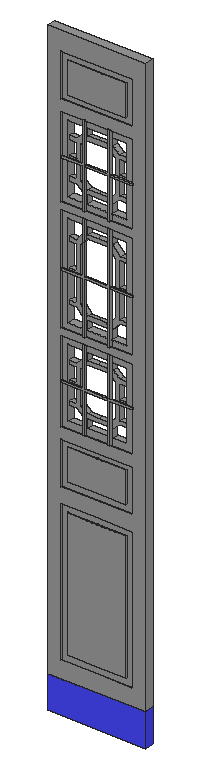
Revit family "Door 1", category 門, Revit 2022
Family settings
  主體 = 牆
  OmniClass 編號 = 23.30.10.00
  OmniClass 標題 = Doors
  總是垂直 = 是
  載入時使用空心切割 = 否
  共用 = 否
  房間計算點 = 否
Parameters
  粗略高度 = Width + 100 mm  # 700 mm
  粗略寬度 = 高度 + 200 mm  # 3950 mm
  厚度 = 60 mm
  功能 = 室內
  外部框架投影 = 25 mm
  室內框架投影 = 25 mm
  框寬 = 75 mm
  高度 = 3750 mm
  牆封閉 = 依主體
  Width = 600 mm
  Base height = 200 mm
Reference planes
  plane 1 "中心室內/室外)": y = 0
  plane 2 "中心 (左/右)": x = 0
  plane 3 "左": x = -300
  plane 4 "右": x = 300
  plane 5 "Height": z = 3750
  plane 6 "外部": y = 30
  plane 7 "室內": y = -30
  plane 8: x = 400
  plane 9: x = -400
  plane 10: z = 200
  plane 11: z = 300
  plane 12: z = 1515
  plane 13: z = 1580
  plane 14: z = 2080
  plane 15: z = 2120
  plane 16: z = 2810
  plane 17: z = 1160
  plane 18: z = 1250
  plane 19: z = 2770
  plane 20: x = -220
  plane 21: x = 220
  plane 22: z = 2445
Forms (mm)
  Extrusion 1, solid, material "土層"
    sketch origin (0, 0, 0) x (1, 0, 0) y (0, 1, 0)
      loop
        line (-300, 30) -> (-300, -30) -> (300, -30) -> (300, 30) -> (-300, 30)
    from 0 to 200 <- "Base height"
  Extrusion 2, solid, material "油漆"
    sketch origin (0, 0, 0) x (1, 0, 0) y (0, 1, 0)
      loop
        line (-300, 30) -> (-300, -30) -> (300, -30) -> (300, 30) -> (-300, 30)
    from 200 <- "Base height" to 3750 <- "高度"
  Extrusion 3, void
    sketch origin (0, 0, 0) x (1, 0, 0) y (0, 0, -1)
      loop
        line (-220, -300) -> (-220, -1160) -> (0, -1160) -> (220, -1160) -> (220, -300) -> (0, -300) -> (-220, -300)
      loop
        line (0, -340) -> (-180, -340) -> (-180, -1120) -> (0, -1120) -> (180, -1120) -> (180, -340) -> (0, -340)
      loop
        line (220, -1515) -> (220, -1250) -> (0, -1250) -> (-220, -1250) -> (-220, -1515) -> (0, -1515) -> (220, -1515)
      loop
        line (180, -1290) -> (0, -1290) -> (-180, -1290) -> (-180, -1480.701) -> (0, -1480.701) -> (180, -1480.701) -> (180, -1290)
      loop
        line (220, -3375) -> (0, -3375) -> (-220, -3375) -> (-220, -3640) -> (0, -3640) -> (220, -3640) -> (220, -3375)
      loop
        line (180, -3600) -> (180, -3409.299) -> (0, -3409.299) -> (-180, -3409.299) -> (-180, -3600) -> (0, -3600) -> (180, -3600)
    from 20 to 30
  Extrusion 4, void
    sketch origin (0, 0, 0) x (1, 0, 0) y (0, 0, -1)
      loop
        line (-220, -1580) -> (-220, -2080) -> (0, -2080) -> (220, -2080) -> (220, -1580) -> (0, -1580) -> (-220, -1580)
      loop
        line (0, -2040) -> (180, -2040) -> (180, -1620) -> (0, -1620) -> (-180, -1620) -> (-180, -2040) -> (0, -2040)
      loop
        line (-220, -2770) -> (0, -2770) -> (220, -2770) -> (220, -2120) -> (0, -2120) -> (-220, -2120) -> (-220, -2770)
      loop
        line (0, -2160) -> (-180, -2160) -> (-180, -2730) -> (0, -2730) -> (180, -2730) -> (180, -2160) -> (0, -2160)
      loop
        line (-220, -3310) -> (0, -3310) -> (220, -3310) -> (220, -2810) -> (0, -2810) -> (-220, -2810) -> (-220, -3310)
      loop
        line (0, -2850) -> (-180, -2850) -> (-180, -3270) -> (0, -3270) -> (180, -3270) -> (180, -2850) -> (0, -2850)
    from 20 to 30
  Extrusion 5, void
    sketch origin (0, -30, 0) x (1, 0, 0) y (0, 0, 1)
      loop
        line (-180, 2040) -> (-180, 1955) -> (-131.667, 1955) -> (-90, 1990) -> (-90, 2040) -> (-180, 2040)
      loop
        line (-65, 2040) -> (-65, 1990) -> (0, 1990) -> (65, 1990) -> (65, 2040) -> (0, 2040) -> (-65, 2040)
      loop
        line (-180, 1931) -> (-180, 1843) -> (-130, 1843) -> (-130, 1931) -> (-180, 1931)
      loop
        line (-180, 1817) -> (-180, 1729) -> (-130, 1729) -> (-130, 1817) -> (-180, 1817)
      loop
        line (-180, 1705) -> (-180, 1620) -> (-90, 1620) -> (-90, 1670) -> (-130, 1705) -> (-180, 1705)
      loop
        line (-105, 1931) -> (-105, 1729) -> (-66.143, 1695) -> (0, 1695) -> (66.143, 1695) -> (105, 1729) -> (105, 1930) -> (65, 1965) -> (0, 1965) -> (-65, 1965) -> (-105, 1931)
      loop
        line (-65, 1620) -> (0, 1620) -> (65, 1620) -> (65, 1670) -> (0, 1670) -> (-65, 1670) -> (-65, 1620)
      loop
        line (180, 2040) -> (90, 2040) -> (90, 1990) -> (130, 1955) -> (180, 1955) -> (180, 2040)
      loop
        line (180, 1930) -> (130, 1930) -> (130, 1843) -> (180, 1843) -> (180, 1930)
      loop
        line (180, 1817) -> (130, 1817) -> (130, 1729) -> (180, 1729) -> (180, 1817)
      loop
        line (180, 1705) -> (130, 1705) -> (90, 1670) -> (90, 1620) -> (180, 1620) -> (180, 1705)
      loop
        line (-180, 2730) -> (-180, 2630) -> (-130, 2630) -> (-90, 2680) -> (-90, 2730) -> (-180, 2730)
      loop
        line (-180, 2607) -> (-180, 2457) -> (-130, 2457) -> (-130, 2607) -> (-180, 2607)
      loop
        line (-180, 2433) -> (-180, 2283) -> (-130, 2283) -> (-130, 2433) -> (-180, 2433)
      loop
        line (-180, 2260) -> (-180, 2160) -> (-90, 2160) -> (-90, 2214.286) -> (-130, 2260) -> (-180, 2260)
      loop
        line (-65, 2160) -> (0, 2160) -> (65, 2160) -> (65, 2210) -> (0, 2210) -> (-65, 2210) -> (-65, 2160)
      loop
        line (-65, 2680) -> (0, 2680) -> (65, 2680) -> (65, 2730) -> (0, 2730) -> (-65, 2730) -> (-65, 2680)
      loop
        line (-65, 2657) -> (-107, 2607) -> (-107, 2283) -> (-65, 2233) -> (0, 2233) -> (65, 2233) -> (107, 2283) -> (107, 2607) -> (65, 2657) -> (0, 2657) -> (-65, 2657)
      loop
        line (180, 2730) -> (90, 2730) -> (90, 2680) -> (140, 2630) -> (180, 2630) -> (180, 2730)
      loop
        line (180, 2607) -> (130, 2607) -> (130, 2457) -> (180, 2457) -> (180, 2607)
      loop
        line (180, 2433) -> (130, 2433) -> (130, 2283) -> (180, 2283) -> (180, 2433)
      loop
        line (180, 2260) -> (135.714, 2260) -> (90, 2214.286) -> (90, 2160) -> (180, 2160) -> (180, 2260)
      loop
        line (-180, 3270) -> (-180, 3185) -> (-130, 3185) -> (-90, 3220) -> (-90, 3270) -> (-180, 3270)
      loop
        line (-65, 3270) -> (-65, 3220) -> (0, 3220) -> (65, 3220) -> (65, 3270) -> (0, 3270) -> (-65, 3270)
      loop
        line (-180, 3161) -> (-180, 3073) -> (-130, 3073) -> (-130, 3161) -> (-180, 3161)
      loop
        line (-180, 3047) -> (-180, 2959) -> (-130, 2959) -> (-130, 3047) -> (-180, 3047)
      loop
        line (-180, 2935) -> (-180, 2850) -> (-90, 2850) -> (-90, 2900) -> (-130, 2935) -> (-180, 2935)
      loop
        line (-105, 3161) -> (-105, 2959) -> (-66.143, 2925) -> (0, 2925) -> (66.143, 2925) -> (105, 2959) -> (105, 3160) -> (65, 3195) -> (0, 3195) -> (-65, 3195) -> (-105, 3161)
      loop
        line (-65, 2850) -> (0, 2850) -> (65, 2850) -> (65, 2900) -> (0, 2900) -> (-65, 2900) -> (-65, 2850)
      loop
        line (180, 3270) -> (90, 3270) -> (90, 3220) -> (130, 3185) -> (180, 3185) -> (180, 3270)
      loop
        line (180, 3160) -> (130, 3160) -> (130, 3073) -> (180, 3073) -> (180, 3160)
      loop
        line (180, 3047) -> (130, 3047) -> (130, 2959) -> (180, 2959) -> (180, 3047)
      loop
        line (180, 2935) -> (130, 2935) -> (90, 2900) -> (90, 2850) -> (180, 2850) -> (180, 2935)
    from -60 to 0
  Extrusion 6, void
    sketch origin (0, 30, 0) x (1, 0, 0) y (0, 0, -1)
      loop
        line (-180, -1480.701) -> (180, -1480.701) -> (180, -1290) -> (-180, -1290) -> (-180, -1480.701)
      loop
        line (-180, -1120) -> (180, -1120) -> (180, -340) -> (-180, -340) -> (-180, -1120)
      loop
        line (-180, -3409.299) -> (-180, -3600) -> (180, -3600) -> (180, -3409.299) -> (-180, -3409.299)
    from -3 to 0
  Extrusion 7, void
    sketch origin (0, 30, 0) x (1, 0, 0) y (0, 0, -1)
      loop
        line (-180, -3270) -> (180, -3270) -> (180, -2850) -> (-180, -2850) -> (-180, -3270)
      loop
        line (-180, -2730) -> (180, -2730) -> (180, -2160) -> (-180, -2160) -> (-180, -2730)
      loop
        line (-180, -2040) -> (180, -2040) -> (180, -1620) -> (-180, -1620) -> (-180, -2040)
    from -15 to 0
  Extrusion 8, solid, material "油漆"
    sketch origin (0, -30, 0) x (1, 0, 0) y (0, 0, 1)
      loop
        line (-220, 1836) -> (-220, 1824) -> (-83.5, 1824) -> (-83.5, 1580) -> (-71.5, 1580) -> (-71.5, 1824) -> (71.5, 1824) -> (71.5, 1580) -> (83.5, 1580) -> (83.5, 1824) -> (220, 1824) -> (220, 1836) -> (83.5, 1836) -> (83.5, 2080) -> (71.5, 2080) -> (71.5, 1836) -> (-71.5, 1836) -> (-71.5, 2080) -> (-83.5, 2080) -> (-83.5, 1836) -> (-220, 1836)
      loop
        line (-83.5, 2120) -> (-71.528, 2120) -> (-71.528, 2439) -> (71.528, 2439) -> (71.528, 2120) -> (83.5, 2120) -> (83.5, 2439) -> (220, 2439) -> (220, 2451) -> (83.5, 2451) -> (83.5, 2770) -> (71.528, 2770) -> (71.528, 2451) -> (-71.528, 2451) -> (-71.528, 2770) -> (-83.5, 2770) -> (-83.5, 2451) -> (-220, 2451) -> (-220, 2439) -> (-83.5, 2439) -> (-83.5, 2120)
      loop
        line (-220, 3066) -> (-220, 3054) -> (-83.5, 3054) -> (-83.5, 2810) -> (-71.5, 2810) -> (-71.5, 3054) -> (71.5, 3054) -> (71.5, 2810) -> (83.5, 2810) -> (83.5, 3054) -> (220, 3054) -> (220, 3066) -> (83.5, 3066) -> (83.5, 3310) -> (71.5, 3310) -> (71.5, 3066) -> (-71.5, 3066) -> (-71.5, 3310) -> (-83.5, 3310) -> (-83.5, 3066) -> (-220, 3066)
    from -10 to 0
  Extrusion 9, void
    sketch origin (0, 0, 0) x (1, 0, 0) y (0, 0, 1)
      loop
        line (-220, 1580) -> (0, 1580) -> (220, 1580) -> (220, 2080) -> (0, 2080) -> (-220, 2080) -> (-220, 1580)
      loop
        line (0, 2040) -> (-180, 2040) -> (-180, 1620) -> (0, 1620) -> (180, 1620) -> (180, 2040) -> (0, 2040)
      loop
        line (-220, 2770) -> (-220, 2120) -> (0, 2120) -> (220, 2120) -> (220, 2770) -> (0, 2770) -> (-220, 2770)
      loop
        line (0, 2160) -> (180, 2160) -> (180, 2730) -> (0, 2730) -> (-180, 2730) -> (-180, 2160) -> (0, 2160)
      loop
        line (-220, 3310) -> (-220, 2810) -> (0, 2810) -> (220, 2810) -> (220, 3310) -> (0, 3310) -> (-220, 3310)
      loop
        line (0, 2850) -> (180, 2850) -> (180, 3270) -> (0, 3270) -> (-180, 3270) -> (-180, 2850) -> (0, 2850)
    from 20 to 30
  Extrusion 10, void
    sketch origin (0, 0, 0) x (1, 0, 0) y (0, 0, 1)
      loop
        line (-220, 300) -> (0, 300) -> (220, 300) -> (220, 1160) -> (0, 1160) -> (-220, 1160) -> (-220, 300)
      loop
        line (0, 340) -> (180, 340) -> (180, 1120) -> (0, 1120) -> (-180, 1120) -> (-180, 340) -> (0, 340)
      loop
        line (220, 1515) -> (0, 1515) -> (-220, 1515) -> (-220, 1250) -> (0, 1250) -> (220, 1250) -> (220, 1515)
      loop
        line (180, 1290) -> (180, 1480.701) -> (0, 1480.701) -> (-180, 1480.701) -> (-180, 1290) -> (0, 1290) -> (180, 1290)
    from 20 to 30
  Extrusion 11, void
    sketch origin (0, -30, 0) x (1, 0, 0) y (0, 0, 1)
      loop
        line (-180, 1480.701) -> (-180, 1290) -> (180, 1290) -> (180, 1480.701) -> (-180, 1480.701)
      loop
        line (-180, 1120) -> (-180, 340) -> (180, 340) -> (180, 1120) -> (-180, 1120)
      loop
        line (-180, 3409.299) -> (180, 3409.299) -> (180, 3600) -> (-180, 3600) -> (-180, 3409.299)
    from -3 to 0
  Extrusion 12, void
    sketch origin (0, -30, 0) x (1, 0, 0) y (0, 0, 1)
      loop
        line (-180, 2730) -> (-180, 2160) -> (180, 2160) -> (180, 2730) -> (-180, 2730)
      loop
        line (-180, 2040) -> (-180, 1620) -> (180, 1620) -> (180, 2040) -> (-180, 2040)
      loop
        line (-180, 2850) -> (180, 2850) -> (180, 3270) -> (-180, 3270) -> (-180, 2850)
    from -15 to 0
  Extrusion 13, void
    sketch origin (0, 0, 0) x (1, 0, 0) y (0, 0, 1)
      loop
        line (-220, 300) -> (0, 300) -> (220, 300) -> (220, 1160) -> (0, 1160) -> (-220, 1160) -> (-220, 300)
      loop
        line (0, 340) -> (180, 340) -> (180, 1120) -> (0, 1120) -> (-180, 1120) -> (-180, 340) -> (0, 340)
      loop
        line (220, 1515) -> (0, 1515) -> (-220, 1515) -> (-220, 1250) -> (0, 1250) -> (220, 1250) -> (220, 1515)
      loop
        line (180, 1290) -> (180, 1480.701) -> (0, 1480.701) -> (-180, 1480.701) -> (-180, 1290) -> (0, 1290) -> (180, 1290)
      loop
        line (220, 3375) -> (220, 3640) -> (0, 3640) -> (-220, 3640) -> (-220, 3375) -> (0, 3375) -> (220, 3375)
      loop
        line (180, 3600) -> (0, 3600) -> (-180, 3600) -> (-180, 3409.299) -> (0, 3409.299) -> (180, 3409.299) -> (180, 3600)
    from 20 to 30
Cuts and joins
  Extrusion 3, Extrusion 4, Extrusion 5, Extrusion 6, Extrusion 7, Extrusion 9, Extrusion 10, Extrusion 11, Extrusion 12, Extrusion 13 cuts Extrusion 2
Lines and regions (mm)
  Opening 1
    outline origin (-3050, -30, 0) x (1, 0, 0) y (0, 0, 1)
      loop
        line (2650, 0) -> (3450, 0) -> (3450, 3750) -> (2650, 3750) -> (2650, 0)
  symbolic lines, style "立面圖打開方向"
    curve 1: line (300, -30, 1875) -> (-300, -30, 3750)
    curve 2: line (300, -30, 1875) -> (-300, -30, 0)
  model lines
    curve 3: line (400, 30, 3750) -> (400, 30, 0)
    curve 4: line (-400, 30, 3750) -> (400, 30, 3750)
    curve 5: line (-400, 30, 0) -> (-400, 30, 3750)
Text (mm)
  text "Exterior" at (-2295.016, 1099.543, 0), in view "Ground"
  text "外部" at (0, 1615.38, 3698.081), in view "左"
  text "外部" at (0, 1036.032, 3874.932), in view "右"
Dimensions and locks
  equal spacing: plane 3 "左", plane 2 "中心 (左/右)", plane 4 "右"
  "Width": plane 3 "左" to plane 4 "右"
  "高度": plane 5 "Height" to host wall
  equal spacing: host wall, curve 2, plane 5 "Height"
  host wall to plane 5 "Height" = 3750 mm
  host wall to plane 6 "外部" = 0 mm
  locked: plane 7 "室內" to host wall
  "Base height": level to plane 10
  plane 10 to plane 11 to plane 17 to plane 18 to plane 12 to plane 13 to plane 14 to plane 15 to plane 19 to plane 16 to cut or joined group 1 (Extrusion 2, Extrusion 3, Extrusion 4, Extrusion 5, Extrusion 6, Extrusion 7, Extrusion 9, Extrusion 10, Extrusion 11, Extrusion 12, Extrusion 13) to plane 5 "Height" = 100 mm, 860 mm, 90 mm, 265 mm, 65 mm, 500 mm, 40 mm, 650 mm, 40 mm, 500 mm, 440 mm
  plane 10 to plane 5 "Height" = 3550 mm
  equal spacing: Extrusion 5 sketch curve, Extrusion 5 sketch curve, Extrusion 5 sketch curve, Extrusion 5 sketch curve, Extrusion 5 sketch curve, Extrusion 5 sketch curve
  locked: plane 21 to plane 4 "右" at 80
  locked: plane 3 "左" to plane 20 at 80
  aligned and locked: Opening 1 sketch curve to level
  aligned and locked: plane 5 "Height" to curve 1
  aligned and locked: plane 3 "左" to curve 2
  aligned and locked: plane 1 "中心室內/室外)" to host wall
  aligned and locked: plane 3 "左" to curve 1
  aligned and locked: Opening 1 sketch curve to plane 8
  aligned and locked: plane 9 to Opening 1 sketch curve
  aligned and locked: plane 10 to Extrusion 1
  aligned and locked: Extrusion 1 sketch curve to host wall
  aligned and locked: Extrusion 2 to plane 4 "右"
  aligned and locked: plane 3 "左" to Extrusion 2
  aligned and locked: Extrusion 1 to Extrusion 2
  aligned and locked: Extrusion 2 to Extrusion 1  (x2)
  aligned and locked: host wall to Extrusion 2  (x2)
  aligned and locked: host wall to Extrusion 4
  aligned and locked: host wall to Extrusion 5  (x2)
  aligned and locked: plane 5 "Height" to Opening 1 sketch curve
  aligned and locked: cut or joined group 1 to cut or joined group 1
  aligned and locked: plane 7 "室內" to Extrusion 5
  aligned and locked: Extrusion 5 to plane 6 "外部"
  aligned and locked: host wall to Extrusion 7
  aligned and locked: Extrusion 5 to curve 4
  aligned and locked: Extrusion 1 to Extrusion 5
  aligned and locked: host wall to Extrusion 3
  aligned and locked: host wall to Extrusion 6
  aligned and locked: Extrusion 6 to curve 4
  aligned and locked: Extrusion 2 to Extrusion 5
  aligned and locked: Extrusion 8 sketch curve to plane 14
  aligned and locked: plane 13 to Extrusion 8 sketch curve  (x2)
  aligned and locked: Extrusion 8 sketch curve to Extrusion 8 sketch curve  (x4)
  aligned and locked: Extrusion 8 sketch curve to plane 15  (x2)
  aligned and locked: plane 19 to Extrusion 8 sketch curve  (x2)
  aligned and locked: Extrusion 5 sketch curve to Extrusion 5 sketch curve  (x32)
  aligned and locked: Extrusion 5 to Extrusion 3
  aligned and locked: Extrusion 3 to Extrusion 5
  aligned and locked: Extrusion 10 to Extrusion 3
  aligned and locked: Extrusion 3 to Extrusion 10
  aligned and locked: Extrusion 3 to Extrusion 4  (x2)
  aligned and locked: Extrusion 3 to Extrusion 7  (x3)
  aligned and locked: plane 7 "室內" to Extrusion 9
  aligned and locked: plane 7 "室內" to Extrusion 12
  aligned and locked: cut or joined group 1 to Extrusion 8  (x3)
  aligned and locked: Extrusion 8 to cut or joined group 1
  aligned and locked: Extrusion 3 to plane 6 "外部"
  aligned and locked: Extrusion 6 to plane 6 "外部"
  aligned and locked: plane 7 "室內" to Extrusion 10
  aligned and locked: plane 7 "室內" to Extrusion 11
  aligned and locked: Extrusion 7 to Extrusion 5
  aligned and locked: Extrusion 12 sketch curve to Extrusion 12 sketch curve  (x2)
  aligned and locked: Extrusion 12 sketch curve to cut or joined group 1
Automatic sketch dimensions
  curve 2 to level = 0 mm
  plane 4 "右" to curve 2 = 0 mm
  curve 5 to level = 0 mm
  curve 5 to plane 9 = 0 mm
  curve 4 to plane 5 "Height" = 0 mm
  curve 4 to plane 8 = 0 mm
  curve 3 to level = 0 mm
  host wall to Extrusion 1 sketch curve = 0 mm
  Extrusion 1 sketch curve to plane 3 "左" = 0 mm
  Extrusion 1 sketch curve to plane 4 "右" = 0 mm
  host wall to Extrusion 2 sketch curve = 0 mm
  Extrusion 2 sketch curve to plane 3 "左" = 0 mm
  Extrusion 2 sketch curve to plane 4 "右" = 0 mm
  Extrusion 2 sketch curve to host wall = 0 mm
  Extrusion 3 sketch curve to plane 11 = 0 mm
  plane 20 to Extrusion 3 sketch curve = 0 mm  (x3)
  Extrusion 3 sketch curve to plane 18 = 0 mm
  Extrusion 3 sketch curve to plane 2 "中心 (左/右)" = 0 mm  (x12)
  Extrusion 3 sketch curve to plane 17 = 0 mm
  plane 21 to Extrusion 3 sketch curve = 0 mm  (x3)
  Extrusion 3 sketch curve to plane 12 = 0 mm
  Extrusion 3 sketch curve to plane 20 = 40 mm  (x3)
  plane 21 to Extrusion 3 sketch curve = 40 mm  (x3)
  plane 5 "Height" to Extrusion 3 sketch curve = 375 mm
  Extrusion 3 sketch curve to Extrusion 3 sketch curve = 34.299 mm  (x2)
  plane 5 "Height" to Extrusion 3 sketch curve = 150 mm
  Extrusion 3 sketch curve to Extrusion 3 sketch curve = 40 mm
  plane 18 to Extrusion 3 sketch curve = 40 mm
  Extrusion 3 sketch curve to plane 17 = 40 mm
  plane 11 to Extrusion 3 sketch curve = 40 mm
  Extrusion 4 sketch curve to plane 13 = 0 mm
  plane 20 to Extrusion 4 sketch curve = 0 mm  (x3)
  Extrusion 4 sketch curve to plane 19 = 0 mm
  Extrusion 4 sketch curve to plane 2 "中心 (左/右)" = 0 mm  (x12)
  plane 21 to Extrusion 4 sketch curve = 0 mm  (x3)
  Extrusion 4 sketch curve to plane 16 = 0 mm
  Extrusion 4 sketch curve to plane 15 = 0 mm
  Extrusion 4 sketch curve to plane 14 = 0 mm
  Extrusion 4 sketch curve to plane 20 = 40 mm  (x3)
  plane 21 to Extrusion 4 sketch curve = 40 mm  (x3)
  plane 16 to Extrusion 4 sketch curve = 40 mm
  Extrusion 4 sketch curve to Extrusion 4 sketch curve = 420 mm
  Extrusion 4 sketch curve to Extrusion 4 sketch curve = 40 mm  (x2)
  Extrusion 4 sketch curve to plane 19 = 40 mm
  plane 15 to Extrusion 4 sketch curve = 40 mm
  plane 13 to Extrusion 4 sketch curve = 40 mm
  Extrusion 6 sketch curve to plane 20 = 40 mm  (x3)
  plane 21 to Extrusion 6 sketch curve = 40 mm  (x3)
  plane 5 "Height" to Extrusion 6 sketch curve = 150 mm
  Extrusion 6 sketch curve to Extrusion 6 sketch curve = 190.701 mm
  Extrusion 6 sketch curve to plane 12 = 34.299 mm
  plane 18 to Extrusion 6 sketch curve = 40 mm
  Extrusion 6 sketch curve to plane 17 = 40 mm
  plane 11 to Extrusion 6 sketch curve = 40 mm
  Extrusion 7 sketch curve to plane 20 = 40 mm  (x3)
  plane 21 to Extrusion 7 sketch curve = 40 mm  (x3)
  plane 16 to Extrusion 7 sketch curve = 460 mm
  plane 16 to Extrusion 7 sketch curve = 40 mm
  Extrusion 7 sketch curve to plane 19 = 40 mm
  plane 15 to Extrusion 7 sketch curve = 40 mm
  Extrusion 7 sketch curve to plane 14 = 40 mm
  plane 13 to Extrusion 7 sketch curve = 40 mm
  plane 20 to Extrusion 8 sketch curve = 0 mm  (x2)
  Extrusion 8 sketch curve to plane 16 = 0 mm  (x2)
  plane 21 to Extrusion 8 sketch curve = 0 mm  (x2)
  plane 22 to Extrusion 8 sketch curve = 6 mm  (x3)
  Extrusion 8 sketch curve to plane 2 "中心 (左/右)" = 83.5 mm  (x4)
  Extrusion 8 sketch curve to Extrusion 8 sketch curve = 0 mm  (x5)
  Extrusion 8 sketch curve to Extrusion 8 sketch curve = 11.972 mm  (x4)
  Extrusion 8 sketch curve to Extrusion 8 sketch curve = 12 mm  (x14)
  plane 2 "中心 (左/右)" to Extrusion 8 sketch curve = 71.5 mm  (x4)
  Extrusion 8 sketch curve to Extrusion 8 sketch curve = 0.028 mm
  plane 13 to Extrusion 8 sketch curve = 244 mm  (x2)
  Extrusion 8 sketch curve to plane 22 = 6 mm  (x3)
  plane 16 to Extrusion 8 sketch curve = 244 mm  (x2)
  Extrusion 8 sketch curve to Extrusion 8 sketch curve = 244 mm
  Extrusion 10 sketch curve to plane 11 = 0 mm
  plane 20 to Extrusion 10 sketch curve = 0 mm  (x2)
  Extrusion 10 sketch curve to plane 18 = 0 mm
  Extrusion 10 sketch curve to plane 2 "中心 (左/右)" = 0 mm  (x8)
  Extrusion 10 sketch curve to plane 17 = 0 mm
  plane 21 to Extrusion 10 sketch curve = 0 mm  (x2)
  Extrusion 10 sketch curve to plane 12 = 0 mm
  Extrusion 10 sketch curve to plane 20 = 40 mm  (x2)
  plane 21 to Extrusion 10 sketch curve = 40 mm  (x2)
  plane 11 to Extrusion 10 sketch curve = 40 mm
  Extrusion 10 sketch curve to plane 17 = 40 mm
  plane 18 to Extrusion 10 sketch curve = 40 mm
  Extrusion 10 sketch curve to Extrusion 10 sketch curve = 34.299 mm
  Extrusion 13 sketch curve to plane 11 = 0 mm
  plane 20 to Extrusion 13 sketch curve = 0 mm  (x2)
  Extrusion 13 sketch curve to plane 18 = 0 mm
  Extrusion 13 sketch curve to plane 20 = 0 mm
  Extrusion 13 sketch curve to plane 2 "中心 (左/右)" = 0 mm  (x12)
  Extrusion 13 sketch curve to plane 17 = 0 mm
  plane 21 to Extrusion 13 sketch curve = 0 mm  (x2)
  Extrusion 13 sketch curve to plane 21 = 0 mm
  Extrusion 13 sketch curve to plane 12 = 0 mm
  Extrusion 13 sketch curve to plane 20 = 40 mm  (x3)
  plane 21 to Extrusion 13 sketch curve = 40 mm  (x3)
  plane 11 to Extrusion 13 sketch curve = 40 mm
  Extrusion 13 sketch curve to plane 17 = 40 mm
  plane 18 to Extrusion 13 sketch curve = 40 mm
  Extrusion 13 sketch curve to Extrusion 13 sketch curve = 34.299 mm  (x2)
  plane 5 "Height" to Extrusion 13 sketch curve = 375 mm
  plane 5 "Height" to Extrusion 13 sketch curve = 150 mm
  Extrusion 13 sketch curve to Extrusion 13 sketch curve = 40 mm
  Extrusion 9 sketch curve to plane 13 = 0 mm
  plane 20 to Extrusion 9 sketch curve = 0 mm  (x2)
  Extrusion 9 sketch curve to plane 20 = 0 mm
  Extrusion 9 sketch curve to plane 19 = 0 mm
  Extrusion 9 sketch curve to plane 2 "中心 (左/右)" = 0 mm  (x12)
  Extrusion 9 sketch curve to plane 21 = 0 mm
  plane 21 to Extrusion 9 sketch curve = 0 mm  (x2)
  Extrusion 9 sketch curve to plane 14 = 0 mm
  Extrusion 9 sketch curve to plane 15 = 0 mm
  Extrusion 9 sketch curve to plane 16 = 0 mm
  Extrusion 9 sketch curve to plane 20 = 40 mm  (x3)
  plane 21 to Extrusion 9 sketch curve = 40 mm  (x3)
  plane 13 to Extrusion 9 sketch curve = 40 mm
  Extrusion 9 sketch curve to plane 14 = 40 mm
  plane 15 to Extrusion 9 sketch curve = 40 mm
  Extrusion 9 sketch curve to plane 19 = 40 mm
  plane 16 to Extrusion 9 sketch curve = 40 mm
  Extrusion 9 sketch curve to Extrusion 9 sketch curve = 420 mm
  Extrusion 9 sketch curve to Extrusion 9 sketch curve = 40 mm
  Extrusion 11 sketch curve to plane 20 = 40 mm  (x3)
  plane 21 to Extrusion 11 sketch curve = 40 mm  (x3)
  plane 11 to Extrusion 11 sketch curve = 40 mm
  Extrusion 11 sketch curve to plane 17 = 40 mm
  plane 18 to Extrusion 11 sketch curve = 40 mm
  Extrusion 11 sketch curve to plane 12 = 34.299 mm
  plane 5 "Height" to Extrusion 11 sketch curve = 340.701 mm
  plane 5 "Height" to Extrusion 11 sketch curve = 150 mm
  Extrusion 12 sketch curve to plane 20 = 40 mm  (x3)
  plane 21 to Extrusion 12 sketch curve = 40 mm  (x2)
  Extrusion 12 sketch curve to plane 19 = 40 mm
  plane 15 to Extrusion 12 sketch curve = 40 mm
  Extrusion 12 sketch curve to plane 14 = 40 mm
  plane 13 to Extrusion 12 sketch curve = 40 mm
  Extrusion 12 sketch curve to Extrusion 12 sketch curve = 420 mm
  Extrusion 5 sketch curve to plane 2 "中心 (左/右)" = 0 mm  (x18)
  Extrusion 5 sketch curve to Extrusion 5 sketch curve = 65 mm  (x7)
  Extrusion 5 sketch curve to plane 2 "中心 (左/右)" = 65 mm  (x2)
  Extrusion 5 sketch curve to Extrusion 5 sketch curve = 0 mm  (x36)
  Extrusion 5 sketch curve to Extrusion 5 sketch curve = 1.143 mm  (x4)
  Extrusion 5 sketch curve to Extrusion 5 sketch curve = 25 mm  (x26)
  Extrusion 5 sketch curve to Extrusion 5 sketch curve = 40 mm  (x2)
  Extrusion 5 sketch curve to Extrusion 5 sketch curve = 38.857 mm  (x2)
  Extrusion 5 sketch curve to Extrusion 5 sketch curve = 42 mm  (x2)
  Extrusion 5 sketch curve to Extrusion 5 sketch curve = 1.667 mm
  Extrusion 5 sketch curve to plane 20 = 40 mm  (x2)
  plane 2 "中心 (左/右)" to Extrusion 5 sketch curve = 65 mm  (x6)
  Extrusion 5 sketch curve to plane 22 = 12 mm  (x2)
  plane 2 "中心 (左/右)" to Extrusion 5 sketch curve = 130 mm
  Extrusion 5 sketch curve to Extrusion 5 sketch curve = 5.714 mm
  plane 21 to Extrusion 5 sketch curve = 40 mm  (x2)
  plane 22 to Extrusion 5 sketch curve = 12 mm  (x2)
  Extrusion 5 sketch curve to Extrusion 5 sketch curve = 150 mm  (x4)
  Extrusion 5 sketch curve to Extrusion 5 sketch curve = 23 mm  (x4)
  plane 15 to Extrusion 5 sketch curve = 113 mm
  Extrusion 5 sketch curve to Extrusion 5 sketch curve = 18.714 mm  (x2)
  plane 15 to Extrusion 5 sketch curve = 40 mm  (x2)
  Extrusion 5 sketch curve to plane 14 = 40 mm  (x2)
  Extrusion 5 sketch curve to Extrusion 5 sketch curve = 50 mm  (x6)
  Extrusion 5 sketch curve to Extrusion 5 sketch curve = 85 mm  (x4)
  Extrusion 5 sketch curve to Extrusion 5 sketch curve = 24 mm  (x5)
  Extrusion 5 sketch curve to Extrusion 5 sketch curve = 88 mm  (x6)
  Extrusion 5 sketch curve to Extrusion 5 sketch curve = 87 mm  (x2)
  Extrusion 5 sketch curve to Extrusion 5 sketch curve = 26 mm  (x4)
  Extrusion 5 sketch curve to Extrusion 5 sketch curve = 34 mm  (x2)
  plane 13 to Extrusion 5 sketch curve = 40 mm  (x2)
  Extrusion 5 sketch curve to plane 19 = 40 mm
  plane 16 to Extrusion 5 sketch curve = 40 mm  (x2)
  Extrusion 5 sketch curve to Extrusion 5 sketch curve = 10 mm
